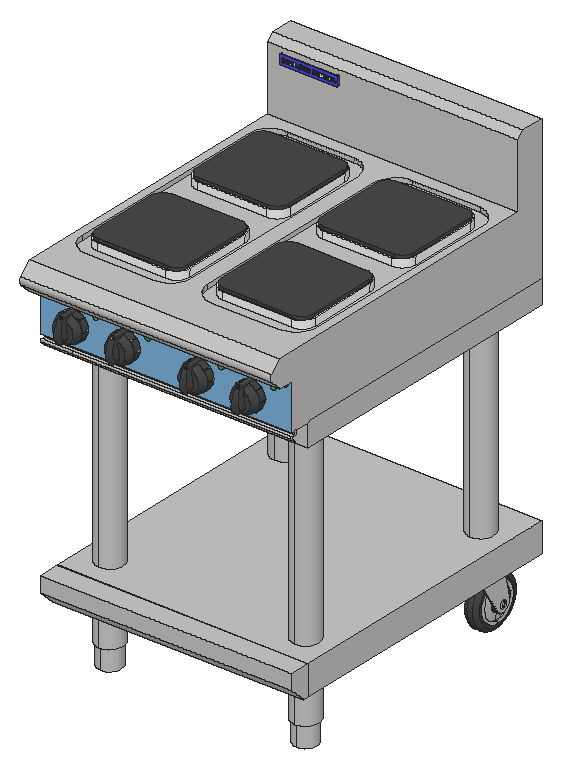
Revit family "QF_Moffat_E514S-LS_Electric_Cooktop_cat", category Specialty Equipment, Revit 2019
Family settings
  Round Connector Dimension = Use Diameter
  Part Type = Normal
  Work Plane-Based = No
  Always vertical = Yes
  Cut with Voids When Loaded = No
  Shared = No
  Room Calculation Point = No
Parameters (values of type "E514S-LS")
  Weight in Kilograms = 74
  Watts = 9130 W
  Volts = 415 V
  URL Cutsheet = ""
  Specification by User = ""
  Specification by Manufacturer = ""
  Show Logo [instance] = yes
  Show Legs [instance] = not(Show Castors)  # no
  Show Castors [instance] = yes
  Serial Number = ""
  Seismic Rating = ""
  SMACNA No = ""
  Revision Code = ""
  Phase = 2
  Number of Poles = 1
  NAFEM Spec ID Number = ""
  Model = "E514S-LS"
  Min Ckt Ampacity = 0 A
  Max Overcurrent Protection = 0 A
  Masterspec = ""
  Manufacturer = "Moffat"
  Length = 600 mm
  Item Number = ""
  Installed By = ""
  Identify Quantity as Lot = yes
  Height = 1085 mm
  HP = ""
  Furnished By = ""
  Foodservice Equipment Identifier = yes
  FL Amps = 22 A
  Electrical Remarks = ""
  Electric Connection Type = ""
  Elec Conn RI Height = 0 mm
  Elec Conn Connection Height = 0 mm
  Description = "Electric Cooktop"
  Depth = 812.2 mm
  Cycle = 60 Hz
  Conn Plug = ""
  Conn Conduit = yes
  CSI MasterFormat = ""
  Apparent Power = if(Phase = 3, Volts * FL Amps * 1.73, Volts * FL Amps)  # 9130 VA
Reference planes
  plane 1 "BACK": y = 0
  plane 2: z = 0
  plane 3 "LEFT": x = 0
  plane 4 "RIGHT": x = 600
  plane 5 "FRONT": y = -812.2
  plane 6 "TOP": z = 1085
  plane 7 "Center Y": x = 300
  plane 8 "Center X": y = -406.1
  plane 9: x = 65.5
  plane 10: x = 87.5
  plane 11: x = 211.766
  plane 12: y = -30
  plane 13: x = 470
  plane 14: x = 512.5
  plane 15: x = 388.234
  plane 16: x = 534.5
  plane 17: z = 150
  plane 18: y = -100
  plane 19: y = -625
  plane 20: z = 675
Forms (mm)
  Extrusion 1, solid, material "QF_Metal_Stainless_Polished"
    sketch origin (0, 0, 600) x (0, 1, 0) y (0, 0, 1)
      loop
        line (0, 140) -> (0, 485) -> (-55, 485) -> (-70, 470) -> (-70, 314.5) -> (-784.171, 314.5) -> (-808.685, 289.985)
        arc (-808.685, 289.985) -> (-812.2, 281.5) -> (-808.685, 273.015) r 12
        line (-808.685, 273.015) -> (-785.171, 249.5) -> (-749, 249.5) -> (-749, 140) -> (0, 140)
    from 0 to 600
  Extrusion 2, void
    sketch origin (0, -783.97, 914.5) x (0, 1, 0) y (-1, 0, 0)
      loop
        arc (683.77, -69) -> (669.125, -33.645) -> (633.77, -19) r 50
        line (633.77, -19) -> (133.569, -19)
        arc (133.569, -19) -> (98.214, -33.645) -> (83.569, -69) r 50
        line (83.569, -69) -> (83.569, -231)
        arc (83.569, -231) -> (98.214, -266.355) -> (133.569, -281) r 50
        line (133.569, -281) -> (633.77, -281)
        arc (633.77, -281) -> (669.125, -266.355) -> (683.77, -231) r 50
        line (683.77, -231) -> (683.77, -69)
      loop
        line (683.77, -531) -> (683.77, -369)
        arc (683.77, -369) -> (669.125, -333.645) -> (633.77, -319) r 50
        line (633.77, -319) -> (133.569, -319)
        arc (133.569, -319) -> (98.214, -333.645) -> (83.569, -369) r 50
        line (83.569, -369) -> (83.569, -531)
        arc (83.569, -531) -> (98.214, -566.355) -> (133.569, -581) r 50
        line (133.569, -581) -> (633.77, -581)
        arc (633.77, -581) -> (669.125, -566.355) -> (683.77, -531) r 50
    from 0 to -9.5
  Extrusion 3, solid, material "QF_Plastic_White_Smooth"
    sketch origin (0, -783.97, 905) x (0, 1, 0) y (-1, 0, 0)
      loop
        arc (647.77, -68) -> (638.397, -45.373) -> (615.77, -36) r 32
        line (615.77, -36) -> (451.569, -36)
        arc (451.569, -36) -> (428.942, -45.373) -> (419.569, -68) r 32
        line (419.569, -68) -> (419.569, -232)
        arc (419.569, -232) -> (428.942, -254.627) -> (451.569, -264) r 32
        line (451.569, -264) -> (615.77, -264)
        arc (615.77, -264) -> (638.397, -254.627) -> (647.77, -232) r 32
        line (647.77, -232) -> (647.77, -68)
      loop
        arc (347.569, -68) -> (338.197, -45.373) -> (315.569, -36) r 32
        line (315.569, -36) -> (151.569, -36)
        arc (151.569, -36) -> (128.942, -45.373) -> (119.569, -68) r 32
        line (119.569, -68) -> (119.569, -232)
        arc (119.569, -232) -> (128.942, -254.627) -> (151.569, -264) r 32
        line (151.569, -264) -> (315.569, -264)
        arc (315.569, -264) -> (338.197, -254.627) -> (347.569, -232) r 32
        line (347.569, -232) -> (347.569, -68)
      loop
        arc (647.77, -368) -> (638.397, -345.373) -> (615.77, -336) r 32
        line (615.77, -336) -> (451.569, -336)
        arc (451.569, -336) -> (428.942, -345.373) -> (419.569, -368) r 32
        line (419.569, -368) -> (419.569, -532)
        arc (419.569, -532) -> (428.942, -554.627) -> (451.569, -564) r 32
        line (451.569, -564) -> (615.77, -564)
        arc (615.77, -564) -> (638.397, -554.627) -> (647.77, -532) r 32
        line (647.77, -532) -> (647.77, -368)
      loop
        arc (347.569, -368) -> (338.197, -345.373) -> (315.569, -336) r 32
        line (315.569, -336) -> (151.569, -336)
        arc (151.569, -336) -> (128.942, -345.373) -> (119.569, -368) r 32
        line (119.569, -368) -> (119.569, -532)
        arc (119.569, -532) -> (128.942, -554.627) -> (151.569, -564) r 32
        line (151.569, -564) -> (315.569, -564)
        arc (315.569, -564) -> (338.197, -554.627) -> (347.569, -532) r 32
        line (347.569, -532) -> (347.569, -368)
    from 0 to 17.8
  Extrusion 4, solid, material "QF_Plastic_Black_Smooth"
    sketch origin (0, -783.97, 922.8) x (0, 1, 0) y (-1, 0, 0)
      loop
        arc (643.77, -67) -> (635.862, -47.908) -> (616.77, -40) r 27
        line (616.77, -40) -> (450.569, -40)
        arc (450.569, -40) -> (431.478, -47.908) -> (423.569, -67) r 27
        line (423.569, -67) -> (423.569, -233)
        arc (423.569, -233) -> (431.478, -252.092) -> (450.569, -260) r 27
        line (450.569, -260) -> (616.77, -260)
        arc (616.77, -260) -> (635.862, -252.092) -> (643.77, -233) r 27
        line (643.77, -233) -> (643.77, -67)
      loop
        arc (343.569, -67) -> (335.661, -47.908) -> (316.569, -40) r 27
        line (316.569, -40) -> (150.569, -40)
        arc (150.569, -40) -> (131.478, -47.908) -> (123.569, -67) r 27
        line (123.569, -67) -> (123.569, -233)
        arc (123.569, -233) -> (131.478, -252.092) -> (150.569, -260) r 27
        line (150.569, -260) -> (316.569, -260)
        arc (316.569, -260) -> (335.661, -252.092) -> (343.569, -233) r 27
        line (343.569, -233) -> (343.569, -67)
      loop
        line (643.77, -533) -> (643.77, -367)
        arc (643.77, -367) -> (635.862, -347.908) -> (616.77, -340) r 27
        line (616.77, -340) -> (450.569, -340)
        arc (450.569, -340) -> (431.478, -347.908) -> (423.569, -367) r 27
        line (423.569, -367) -> (423.569, -533)
        arc (423.569, -533) -> (431.478, -552.092) -> (450.569, -560) r 27
        line (450.569, -560) -> (616.77, -560)
        arc (616.77, -560) -> (635.862, -552.092) -> (643.77, -533) r 27
      loop
        line (343.569, -533) -> (343.569, -367)
        arc (343.569, -367) -> (335.661, -347.908) -> (316.569, -340) r 27
        line (316.569, -340) -> (150.569, -340)
        arc (150.569, -340) -> (131.478, -347.908) -> (123.569, -367) r 27
        line (123.569, -367) -> (123.569, -533)
        arc (123.569, -533) -> (131.478, -552.092) -> (150.569, -560) r 27
        line (150.569, -560) -> (316.569, -560)
        arc (316.569, -560) -> (335.661, -552.092) -> (343.569, -533) r 27
    from 0 to 6.1
  Extrusion 5, solid, material "QF_Metal_Stainless_Polished"
    sketch origin (0, 0, 600) x (0, 1, 0) y (0, 0, 1)
      loop
        line (-699, 85) -> (0, 85) -> (0, 140) -> (-699, 140) -> (-699, 85)
    from 0 to 600
  Extrusion 6, solid, material "QF_Metal_Stainless_Polished"
    sketch origin (0, 0, 600) x (0, 1, 0) y (0, 0, 1)
      loop
        line (-737.8, 140) -> (-737.8, 130) -> (-747.305, 130)
        arc (-747.305, 130) -> (-750.276, 128.015) -> (-749.579, 124.511) r 3.215
        line (-749.579, 124.511) -> (-739.05, 113.982) -> (-737.919, 115.113) -> (-748.447, 125.642)
        arc (-748.447, 125.642) -> (-748.797, 127.403) -> (-747.305, 128.4) r 1.615
        line (-747.305, 128.4) -> (-736.2, 128.4) -> (-736.2, 140) -> (-737.8, 140)
    from 0 to 600
  Extrusion 7, solid, material "QF_Metal_Stainless_Polished"
    sketch origin (300, 175.397, 1819.2) x (0, 1, 0) y (0, 0, 1)
      loop
        line (-874.397, -1109.2) -> (-896.434, -1109.2)
        arc (-896.434, -1109.2) -> (-898.034, -1110.8) -> (-896.434, -1112.4) r 1.6
        line (-896.434, -1112.4) -> (-874.397, -1112.4) -> (-874.397, -1109.2)
    from -250 to 250
  Extrusion 8, solid, material "QF_Paint_Green"
    sketch origin (0, -749, 740) x (0, 0, 1) y (-1, 0, 0)
      loop
        circle (84.8, -432.5) r 7.15
      loop
        circle (84.8, -557.5) r 7.15
      loop
        circle (84.8, -131.766) r 7.15
      loop
        circle (84.8, -256.766) r 7.15
    from 0 to 1.6
  Extrusion 9, solid, material "QF_Plastic_Black_Smooth"
    sketch origin (0, -749, 740) x (0, 0, 1) y (-1, 0, 0)
      loop
        circle (99.343, -13.157) r 5
      loop
        circle (99.343, -586.843) r 5
      loop
        circle (99.343, -87.503) r 5
      loop
        circle (99.343, -211.768) r 5
      loop
        circle (99.343, -388.238) r 5
      loop
        circle (99.343, -512.505) r 5
    from 0 to 1.6
  Extrusion 10, solid, material "QF_Metal_Stainless_Polished"
    sketch origin (-6096, 287.266, 675) x (0, 1, 0) y (-1, 0, 0)
      loop
        circle (-317.266, -6566) r 6.35
    from 10 to 0
  Extrusion 11, solid, material "QF_Metal_Stainless_Polished"
    sketch origin (0, 0, 0) x (0, 1, 0) y (0, 0, 1)
      loop
        line (-749, 186) -> (-713, 150) -> (-699, 150) -> (-699, 222.5) -> (-749, 222.5) -> (-749, 186)
    from 0 to 600
  Revolve 12, solid, material "QF_Metal_Stainless_Polished"
    sketch origin (65.5, -4572, -304.8) x (0, 0, -1) y (0, -1, 0)
      loop
        line (-304.8, -3947) -> (-989.8, -3947) -> (-989.8, -3978.75) -> (-354.8, -3978.75) -> (-354.8, -3974.5) -> (-304.8, -3974.5) -> (-304.8, -3947)
      axis (-989.8, -3947) -> (-304.8, -3947)
    angle from 0 to 360
  Revolve 13, solid, material "QF_Metal_Stainless_Polished"
    sketch origin (534.5, -4572, -304.8) x (0, 0, -1) y (0, 1, 0)
      loop
        line (-304.8, 3947) -> (-304.8, 3974.5) -> (-354.8, 3974.5) -> (-354.8, 3978.75) -> (-989.8, 3978.75) -> (-989.8, 3947) -> (-304.8, 3947)
      axis (-989.8, 3947) -> (-304.8, 3947)
    angle from 0 to 360
  Revolve 14, solid, material "QF_Metal_Stainless_Polished"
    sketch origin (65.5, -4047, -304.8) x (0, 0, -1) y (0, -1, 0)
      loop
        line (-527.3, -3978.75) -> (-527.3, -3947) -> (-989.8, -3947) -> (-989.8, -3978.75) -> (-527.3, -3978.75)
      axis (-989.8, -3947) -> (-527.3, -3947)
    angle from 0 to 360
  Extrusion 15, solid, material "QF_Metal_Stainless_Polished"
    sketch origin (0, 0, 0) x (0, 1, 0) y (0, 0, 1)
      loop
        line (-699, 222.5) -> (-699, 150) -> (0, 150) -> (0, 222.5) -> (-699, 222.5)
    from 0 to 600
  Revolve 16, solid, material "QF_Metal_Stainless_Polished"
    sketch origin (534.5, -4047, -304.8) x (0, 0, -1) y (0, 1, 0)
      loop
        line (-527.3, 3978.75) -> (-989.8, 3978.75) -> (-989.8, 3947) -> (-527.3, 3947) -> (-527.3, 3978.75)
      axis (-989.8, 3947) -> (-527.3, 3947)
    angle from 0 to 360
  Revolve 17, solid, material "QF_Metal_Stainless_Polished", visible <- "Show Legs"
    sketch origin (65.5, -4047, -304.8) x (0, 0, -1) y (0, -1, 0)
      loop
        line (-304.8, -3947) -> (-454.8, -3947) -> (-454.8, -3978.75) -> (-354.8, -3978.75) -> (-354.8, -3974.5) -> (-304.8, -3974.5) -> (-304.8, -3947)
      axis (-454.8, -3947) -> (-304.8, -3947)
    angle from 0 to 360
  Revolve 18, solid, material "QF_Metal_Stainless_Polished", visible <- "Show Legs"
    sketch origin (534.5, -4047, -304.8) x (0, 0, -1) y (0, -1, 0)
      loop
        line (-304.8, -3947) -> (-454.8, -3947) -> (-454.8, -3978.75) -> (-354.8, -3978.75) -> (-354.8, -3974.5) -> (-304.8, -3974.5) -> (-304.8, -3947)
      axis (-454.8, -3947) -> (-304.8, -3947)
    angle from 0 to 360
Cuts and joins
  Extrusion 2 cuts Extrusion 1
  joined: Extrusion 5, Extrusion 11
  joined: Revolve 12, Revolve 13, Extrusion 15
Lines and regions (mm)
  symbolic lines
    curve 1: line (0, 0, 0) -> (600, 0, 0)
    curve 2: line (0, -812.2, 0) -> (0, 0, 0)
    curve 3: line (600, -812.2, 0) -> (0, -812.2, 0)
    curve 4: line (600, 0, 0) -> (600, -812.2, 0)
    curve 5: line (0, -784.171, 0) -> (600, -784.171, 0)
    curve 6: arc (69, -700.2, 0) -> (33.645, -685.555, 0) -> (19, -650.2, 0) r 50
    curve 7: line (19, -650.2, 0) -> (19, -150.2, 0)
    curve 8: arc (19, -150.2, 0) -> (33.645, -114.845, 0) -> (69, -100.2, 0) r 50
    curve 9: line (69, -100.2, 0) -> (231, -100.2, 0)
    curve 10: arc (231, -100.2, 0) -> (266.355, -114.845, 0) -> (281, -150.2, 0) r 50
    curve 11: line (281, -150.2, 0) -> (281, -650.2, 0)
    curve 12: arc (281, -650.2, 0) -> (266.355, -685.555, 0) -> (231, -700.2, 0) r 50
    curve 13: line (231, -700.2, 0) -> (69, -700.2, 0)
    curve 14: arc (369, -700.2, 0) -> (333.645, -685.555, 0) -> (319, -650.2, 0) r 50
    curve 15: line (319, -650.2, 0) -> (319, -150.2, 0)
    curve 16: arc (319, -150.2, 0) -> (333.645, -114.845, 0) -> (369, -100.2, 0) r 50
    curve 17: line (369, -100.2, 0) -> (531, -100.2, 0)
    curve 18: arc (531, -100.2, 0) -> (566.355, -114.845, 0) -> (581, -150.2, 0) r 50
    curve 19: line (581, -150.2, 0) -> (581, -650.2, 0)
    curve 20: arc (581, -650.2, 0) -> (566.355, -685.555, 0) -> (531, -700.2, 0) r 50
    curve 21: line (531, -700.2, 0) -> (369, -700.2, 0)
    curve 22: arc (232, -664.2, 0) -> (254.627, -654.827, 0) -> (264, -632.2, 0) r 32
    curve 23: line (264, -632.2, 0) -> (264, -468.2, 0)
    curve 24: arc (264, -468.2, 0) -> (254.627, -445.573, 0) -> (232, -436.2, 0) r 32
    curve 25: line (232, -436.2, 0) -> (68, -436.2, 0)
    curve 26: arc (68, -436.2, 0) -> (45.373, -445.573, 0) -> (36, -468.2, 0) r 32
    curve 27: line (36, -468.2, 0) -> (36, -632.2, 0)
    curve 28: arc (36, -632.2, 0) -> (45.373, -654.827, 0) -> (68, -664.2, 0) r 32
    curve 29: line (68, -664.2, 0) -> (232, -664.2, 0)
    curve 30: arc (233, -660.2, 0) -> (252.092, -652.292, 0) -> (260, -633.2, 0) r 27
    curve 31: line (260, -633.2, 0) -> (260, -467.2, 0)
    curve 32: arc (260, -467.2, 0) -> (252.092, -448.108, 0) -> (233, -440.2, 0) r 27
    curve 33: line (233, -440.2, 0) -> (67, -440.2, 0)
    curve 34: arc (67, -440.2, 0) -> (47.908, -448.108, 0) -> (40, -467.2, 0) r 27
    curve 35: line (40, -467.2, 0) -> (40, -633.2, 0)
    curve 36: arc (40, -633.2, 0) -> (47.908, -652.292, 0) -> (67, -660.2, 0) r 27
    curve 37: line (67, -660.2, 0) -> (233, -660.2, 0)
    curve 38: arc (336, -632.2, 0) -> (345.373, -654.827, 0) -> (368, -664.2, 0) r 32
    curve 39: line (368, -664.2, 0) -> (532, -664.2, 0)
    curve 40: arc (532, -664.2, 0) -> (554.627, -654.827, 0) -> (564, -632.2, 0) r 32
    curve 41: line (564, -632.2, 0) -> (564, -468.2, 0)
    curve 42: arc (564, -468.2, 0) -> (554.627, -445.573, 0) -> (532, -436.2, 0) r 32
    curve 43: line (532, -436.2, 0) -> (368, -436.2, 0)
    curve 44: arc (368, -436.2, 0) -> (345.373, -445.573, 0) -> (336, -468.2, 0) r 32
    curve 45: line (336, -468.2, 0) -> (336, -632.2, 0)
    curve 46: arc (340, -633.2, 0) -> (347.908, -652.292, 0) -> (367, -660.2, 0) r 27
    curve 47: line (367, -660.2, 0) -> (533, -660.2, 0)
    curve 48: arc (533, -660.2, 0) -> (552.092, -652.292, 0) -> (560, -633.2, 0) r 27
    curve 49: line (560, -633.2, 0) -> (560, -467.2, 0)
    curve 50: arc (560, -467.2, 0) -> (552.092, -448.108, 0) -> (533, -440.2, 0) r 27
    curve 51: line (533, -440.2, 0) -> (367, -440.2, 0)
    curve 52: arc (367, -440.2, 0) -> (347.908, -448.108, 0) -> (340, -467.2, 0) r 27
    curve 53: line (340, -467.2, 0) -> (340, -633.2, 0)
    curve 54: arc (340, -333.2, 0) -> (347.908, -352.292, 0) -> (367, -360.2, 0) r 27
    curve 55: line (367, -360.2, 0) -> (533, -360.2, 0)
    curve 56: arc (533, -360.2, 0) -> (552.092, -352.292, 0) -> (560, -333.2, 0) r 27
    curve 57: line (560, -333.2, 0) -> (560, -167.2, 0)
    curve 58: arc (560, -167.2, 0) -> (552.092, -148.108, 0) -> (533, -140.2, 0) r 27
    curve 59: line (533, -140.2, 0) -> (367, -140.2, 0)
    curve 60: arc (367, -140.2, 0) -> (347.908, -148.108, 0) -> (340, -167.2, 0) r 27
    curve 61: line (340, -167.2, 0) -> (340, -333.2, 0)
    curve 62: arc (336, -332.2, 0) -> (345.373, -354.827, 0) -> (368, -364.2, 0) r 32
    curve 63: line (368, -364.2, 0) -> (532, -364.2, 0)
    curve 64: arc (532, -364.2, 0) -> (554.627, -354.827, 0) -> (564, -332.2, 0) r 32
    curve 65: line (564, -332.2, 0) -> (564, -168.2, 0)
    curve 66: arc (564, -168.2, 0) -> (554.627, -145.573, 0) -> (532, -136.2, 0) r 32
    curve 67: line (532, -136.2, 0) -> (368, -136.2, 0)
    curve 68: arc (368, -136.2, 0) -> (345.373, -145.573, 0) -> (336, -168.2, 0) r 32
    curve 69: line (336, -168.2, 0) -> (336, -332.2, 0)
    curve 70: arc (232, -364.2, 0) -> (254.627, -354.827, 0) -> (264, -332.2, 0) r 32
    curve 71: line (264, -332.2, 0) -> (264, -168.2, 0)
    curve 72: arc (264, -168.2, 0) -> (254.627, -145.573, 0) -> (232, -136.2, 0) r 32
    curve 73: line (232, -136.2, 0) -> (68, -136.2, 0)
    curve 74: arc (68, -136.2, 0) -> (45.373, -145.573, 0) -> (36, -168.2, 0) r 32
    curve 75: line (36, -168.2, 0) -> (36, -332.2, 0)
    curve 76: arc (36, -332.2, 0) -> (45.373, -354.827, 0) -> (68, -364.2, 0) r 32
    curve 77: line (68, -364.2, 0) -> (232, -364.2, 0)
    curve 78: arc (233, -360.2, 0) -> (252.092, -352.292, 0) -> (260, -333.2, 0) r 27
    curve 79: line (260, -333.2, 0) -> (260, -167.2, 0)
    curve 80: arc (260, -167.2, 0) -> (252.092, -148.108, 0) -> (233, -140.2, 0) r 27
    curve 81: line (233, -140.2, 0) -> (67, -140.2, 0)
    curve 82: arc (67, -140.2, 0) -> (47.908, -148.108, 0) -> (40, -167.2, 0) r 27
    curve 83: line (40, -167.2, 0) -> (40, -333.2, 0)
    curve 84: arc (40, -333.2, 0) -> (47.908, -352.292, 0) -> (67, -360.2, 0) r 27
    curve 85: line (67, -360.2, 0) -> (233, -360.2, 0)
    curve 86: line (0, -70, 0) -> (600, -70, 0)
    curve 87: line (0, -55, 0) -> (600, -55, 0)
Dimensions and locks
  equal spacing: plane 3 "LEFT", plane 7 "Center Y", plane 4 "RIGHT"
  "Length": plane 3 "LEFT" to plane 4 "RIGHT"
  equal spacing: plane 5 "FRONT", plane 8 "Center X", plane 1 "BACK"
  "Depth": plane 5 "FRONT" to plane 1 "BACK"
  "Height": plane 6 "TOP" to level
  plane 4 "RIGHT" to plane 3 "LEFT" = 600 mm
  plane 1 "BACK" to cut or joined group of Extrusion 1, Extrusion 2 = 70 mm
  plane 1 "BACK" to plane 5 "FRONT" = 812.2 mm
  plane 6 "TOP" to plane 2 = 1085 mm
  cut or joined group of Extrusion 1, Extrusion 2 to plane 2 = 914.5 mm
  plane 13 to plane 4 "RIGHT" = 130 mm
  plane 9 to plane 16 = 469 mm
  plane 17 to plane 2 = 150 mm
  plane 1 "BACK" to plane 18 = 100 mm
  plane 18 to plane 19 = 525 mm
  plane 20 to plane 2 = 675 mm
  plane 1 "BACK" to plane 12 = 30 mm
  aligned and locked: level to plane 2
Automatic sketch dimensions
  plane 1 "BACK" to curve 1 = 0 mm
  curve 1 to plane 3 "LEFT" = 0 mm
  curve 4 to plane 4 "RIGHT" = 0 mm
  plane 5 "FRONT" to curve 3 = 0 mm
  plane 3 "LEFT" to curve 7 = 19 mm
  plane 9 to curve 27 = 29.5 mm
  curve 8 to curve 75 = 17 mm
  curve 74 to curve 83 = 4 mm
  curve 26 to curve 35 = 4 mm
  curve 33 to plane 9 = 1.5 mm
  curve 37 to plane 9 = 1.5 mm
  curve 84 to plane 9 = 1.5 mm
  curve 81 to plane 9 = 1.5 mm
  curve 25 to plane 9 = 2.5 mm
  curve 82 to curve 74 = 1 mm
  curve 36 to curve 28 = 1 mm
  curve 84 to curve 76 = 1 mm
  plane 18 to curve 9 = 0.2 mm
  curve 9 to plane 9 = 3.5 mm
  curve 6 to plane 9 = 3.5 mm
  plane 11 to curve 9 = 19.234 mm
  plane 11 to curve 12 = 19.234 mm
  plane 11 to curve 25 = 20.234 mm
  plane 11 to curve 77 = 20.234 mm
  curve 10 to curve 72 = 1 mm
  curve 12 to curve 29 = 1 mm
  curve 24 to curve 32 = 1 mm
  curve 70 to curve 85 = 1 mm
  curve 72 to curve 81 = 1 mm
  curve 22 to curve 30 = 1 mm
  curve 32 to curve 31 = 27 mm
  curve 78 to curve 79 = 27 mm
  curve 31 to curve 23 = 4 mm
  curve 79 to curve 71 = 4 mm
  curve 11 to plane 7 "Center Y" = 19 mm
  plane 7 "Center Y" to curve 15 = 19 mm
  plane 19 to curve 45 = 7.2 mm
  curve 15 to curve 45 = 17 mm
  plane 7 "Center Y" to curve 69 = 36 mm
  curve 62 to curve 61 = 4 mm
  curve 38 to curve 53 = 4 mm
  plane 15 to curve 52 = 21.234 mm
  plane 15 to curve 54 = 21.234 mm
  plane 15 to curve 60 = 21.234 mm
  plane 15 to curve 47 = 21.234 mm
  curve 46 to curve 38 = 1 mm
  curve 52 to curve 44 = 1 mm
  curve 60 to curve 68 = 1 mm
  curve 54 to curve 62 = 1 mm
  plane 15 to curve 21 = 19.234 mm
  plane 18 to curve 17 = 0.2 mm
  plane 15 to curve 17 = 19.234 mm
  curve 20 to plane 16 = 3.5 mm
  curve 18 to plane 16 = 3.5 mm
  curve 67 to plane 16 = 2.5 mm
  curve 39 to plane 16 = 2.5 mm
  curve 63 to plane 16 = 2.5 mm
  curve 42 to plane 16 = 2.5 mm
  curve 42 to curve 50 = 1 mm
  curve 64 to curve 56 = 1 mm
  curve 66 to curve 58 = 1 mm
  curve 47 to plane 16 = 1.5 mm
  plane 16 to curve 57 = 25.5 mm
  plane 16 to curve 49 = 25.5 mm
  curve 58 to curve 65 = 4 mm
  curve 49 to curve 41 = 4 mm
  plane 4 "RIGHT" to curve 19 = 19 mm
  plane 19 to curve 13 = 75.2 mm
  curve 21 to curve 38 = 36 mm
  curve 29 to curve 6 = 14 mm
  curve 39 to curve 47 = 4 mm
  curve 28 to curve 37 = 4 mm
  curve 23 to plane 8 "Center X" = 62.1 mm
  curve 41 to plane 8 "Center X" = 62.1 mm
  curve 26 to curve 34 = 1 mm
  curve 44 to curve 52 = 1 mm
  plane 8 "Center X" to curve 63 = 41.9 mm
  plane 8 "Center X" to curve 77 = 41.9 mm
  curve 76 to curve 85 = 4 mm
  curve 64 to curve 55 = 4 mm
  curve 69 to curve 16 = 18 mm
  curve 71 to curve 10 = 18 mm
  curve 74 to curve 82 = 1 mm
  curve 65 to curve 57 = 1 mm
  curve 2 to curve 5 = 28.029 mm
  curve 86 to plane 18 = 30 mm
  curve 86 to curve 87 = 15 mm
  Extrusion 1 sketch curve to plane 6 "TOP" = 0 mm
  Extrusion 1 sketch curve to plane 1 "BACK" = 0 mm
  plane 12 to Extrusion 1 sketch curve = 25 mm
  Extrusion 1 sketch curve to plane 6 "TOP" = 15 mm
  Extrusion 1 sketch curve to Extrusion 1 sketch curve = 15 mm
  Extrusion 1 sketch curve to plane 5 "FRONT" = 63.2 mm
  Extrusion 1 sketch curve to plane 5 "FRONT" = 28.029 mm
  Extrusion 1 sketch curve to plane 5 "FRONT" = 27.029 mm
  Extrusion 1 sketch curve to plane 5 "FRONT" = 12 mm
  Extrusion 1 sketch curve to plane 5 "FRONT" = 3.515 mm  (x2)
  Extrusion 1 sketch curve to plane 6 "TOP" = 170.5 mm
  Extrusion 1 sketch curve to Extrusion 1 sketch curve = 24.515 mm
  Extrusion 1 sketch curve to Extrusion 1 sketch curve = 8.485 mm
  Extrusion 1 sketch curve to Extrusion 1 sketch curve = 32 mm
  plane 20 to Extrusion 1 sketch curve = 65 mm
  Extrusion 2 sketch curve to Extrusion 1 = 83.77 mm  (x2)
  Extrusion 1 to Extrusion 2 sketch curve = 19 mm
  Extrusion 2 sketch curve to Extrusion 2 sketch curve = 50 mm  (x4)
  Extrusion 1 to Extrusion 2 sketch curve = 80.2 mm  (x3)
  Extrusion 2 sketch curve to Extrusion 2 sketch curve = 0 mm
  Extrusion 1 to Extrusion 2 sketch curve = 30.2 mm  (x2)
  Extrusion 2 sketch curve to Extrusion 2 sketch curve = 162 mm
  Extrusion 2 sketch curve to Extrusion 2 sketch curve = 38 mm
  Extrusion 1 to Extrusion 2 sketch curve = 69 mm
  Extrusion 3 sketch curve to Extrusion 2 = 36 mm  (x2)
  Extrusion 3 sketch curve to Extrusion 3 sketch curve = 32 mm  (x13)
  Extrusion 3 sketch curve to Extrusion 2 = 17 mm  (x6)
  Extrusion 3 sketch curve to Extrusion 2 = 49 mm  (x3)
  Extrusion 3 sketch curve to Extrusion 3 sketch curve = 164 mm  (x2)
  Extrusion 3 sketch curve to Extrusion 3 sketch curve = 72 mm  (x2)
  Extrusion 3 sketch curve to Extrusion 2 = 68 mm  (x4)
  Extrusion 4 sketch curve to Extrusion 3 = 4 mm  (x15)
  Extrusion 4 sketch curve to Extrusion 4 sketch curve = 27 mm  (x6)
  Extrusion 4 sketch curve to Extrusion 3 = 31 mm  (x11)
  Extrusion 5 sketch curve to plane 1 "BACK" = 0 mm
  plane 20 to Extrusion 5 sketch curve = 10 mm
  plane 19 to Extrusion 5 sketch curve = 74 mm
  Extrusion 5 sketch curve to Extrusion 5 sketch curve = 55 mm
  Extrusion 6 sketch curve to Extrusion 6 sketch curve = 0 mm  (x2)
  Extrusion 6 sketch curve to plane 5 "FRONT" = 62.621 mm
  Extrusion 6 sketch curve to Extrusion 6 sketch curve = 1.131 mm  (x2)
  Extrusion 6 sketch curve to Extrusion 6 sketch curve = 1.142 mm  (x2)
  plane 20 to Extrusion 6 sketch curve = 38.982 mm
  Extrusion 6 sketch curve to Extrusion 6 sketch curve = 10.529 mm
  plane 20 to Extrusion 6 sketch curve = 40.113 mm
  Extrusion 6 sketch curve to Extrusion 6 sketch curve = 9.505 mm
  Extrusion 6 sketch curve to Extrusion 6 sketch curve = 1.6 mm
  Extrusion 6 sketch curve to Extrusion 6 sketch curve = 10 mm
  plane 20 to Extrusion 7 sketch curve = 35 mm
  Extrusion 7 sketch curve to plane 5 "FRONT" = 91.163 mm
  Extrusion 7 sketch curve to Extrusion 7 sketch curve = 22.037 mm
  Extrusion 7 sketch curve to Extrusion 7 sketch curve = 1.6 mm
  Extrusion 1 to Extrusion 8 sketch curve = 24.7 mm  (x4)
  Extrusion 1 to Extrusion 8 sketch curve = 42.5 mm
  Extrusion 8 sketch curve to Extrusion 8 sketch curve = 125 mm  (x2)
  Extrusion 8 sketch curve to Extrusion 8 sketch curve = 175.734 mm
  plane 12 to Extrusion 10 sketch curve = 0 mm
  Extrusion 10 sketch curve to plane 13 = 0 mm
  Extrusion 11 sketch curve to plane 17 = 0 mm
  Extrusion 11 sketch curve to plane 5 "FRONT" = 63.2 mm
  Extrusion 11 sketch curve to Extrusion 11 sketch curve = 36 mm
  Extrusion 11 sketch curve to Extrusion 11 sketch curve = 14 mm
  plane 17 to Extrusion 11 sketch curve = 36 mm
  Extrusion 11 sketch curve to Extrusion 11 sketch curve = 36.5 mm
  Revolve 12 sketch curve to plane 19 = 0 mm  (x2)
  Revolve 12 sketch curve to level = 0 mm  (x2)
  Revolve 12 sketch curve to Revolve 12 sketch curve = 50 mm
  plane 20 to Revolve 12 sketch curve = 10 mm
  Revolve 12 sketch curve to plane 19 = 27.5 mm
  Revolve 12 sketch curve to Revolve 12 sketch curve = 31.75 mm
  Revolve 12 sketch curve to Revolve 12 sketch curve = 35 mm
  Revolve 13 sketch curve to plane 19 = 0 mm  (x2)
  Revolve 13 sketch curve to level = 0 mm  (x2)
  level to Revolve 13 sketch curve = 50 mm
  plane 20 to Revolve 13 sketch curve = 10 mm
  Revolve 13 sketch curve to Revolve 13 sketch curve = 27.5 mm
  Revolve 13 sketch curve to Revolve 13 sketch curve = 31.75 mm
  Revolve 13 sketch curve to Revolve 13 sketch curve = 35 mm
  Revolve 14 sketch curve to plane 18 = 0 mm  (x2)
  plane 20 to Revolve 14 sketch curve = 10 mm
  Revolve 14 sketch curve to plane 18 = 31.75 mm
  plane 17 to Revolve 14 sketch curve = 72.5 mm
  Revolve 14 sketch curve to Revolve 14 sketch curve = 0 mm
  Revolve 14 sketch curve to Revolve 14 sketch curve = 35 mm
  Extrusion 15 sketch curve to plane 17 = 0 mm
  Extrusion 15 sketch curve to plane 1 "BACK" = 0 mm
  plane 19 to Extrusion 15 sketch curve = 74 mm
  Extrusion 15 sketch curve to Extrusion 15 sketch curve = 72.5 mm
  Revolve 16 sketch curve to plane 18 = 0 mm  (x2)
  plane 20 to Revolve 16 sketch curve = 10 mm
  Revolve 16 sketch curve to plane 18 = 31.75 mm
  plane 17 to Revolve 16 sketch curve = 72.5 mm
  Revolve 16 sketch curve to Revolve 16 sketch curve = 0 mm
  Revolve 16 sketch curve to Revolve 16 sketch curve = 35 mm
  Revolve 17 sketch curve to plane 17 = 0 mm
  Revolve 17 sketch curve to level = 0 mm  (x2)
  Revolve 17 sketch curve to plane 18 = 0 mm  (x2)
  Revolve 17 sketch curve to Revolve 17 sketch curve = 50 mm
  Revolve 17 sketch curve to plane 18 = 27.5 mm
  Revolve 17 sketch curve to Revolve 17 sketch curve = 31.75 mm
  Revolve 17 sketch curve to level = 35 mm
  Revolve 18 sketch curve to plane 17 = 0 mm
  Revolve 18 sketch curve to level = 0 mm  (x2)
  Revolve 18 sketch curve to plane 18 = 0 mm  (x2)
  Revolve 18 sketch curve to Revolve 18 sketch curve = 50 mm
  Revolve 18 sketch curve to plane 18 = 27.5 mm
  Revolve 18 sketch curve to Revolve 18 sketch curve = 31.75 mm
  Revolve 18 sketch curve to level = 35 mm
  Extrusion 1 to Extrusion 9 sketch curve = 10.157 mm  (x6)
  Extrusion 1 to Extrusion 9 sketch curve = 13.157 mm  (x2)
  Extrusion 9 sketch curve to Extrusion 9 sketch curve = 74.338 mm
  Extrusion 9 sketch curve to Extrusion 9 sketch curve = 124.267 mm
  Extrusion 9 sketch curve to Extrusion 9 sketch curve = 176.47 mm
  Extrusion 1 to Extrusion 9 sketch curve = 87.503 mm
  radius of Extrusion 8 sketch curve = 7.15 mm  (x4)
  radius of Extrusion 10 sketch curve = 6.35 mm
  radius of Extrusion 9 sketch curve = 5 mm  (x6)
Nested families
  nested 1: "Knob" at (55.003, -749, 762.803), type "Knob"
  nested 2: "Knob" at (179.269, -749, 762.803), type "Knob"
  nested 3: "QF_LOGO_BLue Seal" at (32, -70, 1033.885), visible <- "Show Logo", type "QF_LOGO_BLue Seal"
  nested 4: "Knob" at (355.738, -749, 762.803), type "Knob"
  nested 5: "Knob" at (480.003, -749, 762.803), type "Knob"
  nested 6: "6 INCHES 02_CASTER" at (534.5, -100, 0), Show Casters <- "Show Castors", type "6 INCHES 02_CASTER"
    with Type Mark "", Specification by User "", Show Casters yes, Revision Code "", Item Number "", Installed By "", Identify Quantity as Lot yes, Furnished By "", Foodservice Equipment Identifier yes
  nested 7: "6 INCHES 02_CASTER" at (65.5, -100, 0), Show Casters <- "Show Castors", type "6 INCHES 02_CASTER"
    with Type Mark "", Specification by User "", Show Casters yes, Revision Code "", Item Number "", Installed By "", Identify Quantity as Lot yes, Furnished By "", Foodservice Equipment Identifier yes
Connectors
  electrical at (470, -30, 675), driven by "Volts", driven by "Watts"
    settings: on Extrusion 10, index 1, voltage 415 V, apparent load 9130 VA, apparent load phase1 0 VA, apparent load phase2 0 VA, apparent load phase3 0 VA, power factor 1, load classification "Other", number of poles 1, system type 30, power factor state 1, is connector primary yes, connector utility no, sub classification motor no, connector description "Electrical Connection"
Definition of nested family "Knob"
  Parameters (values of type "Knob")
    Weight in Pounds = 0
    URL Cutsheet = ""
    Specification by User = ""
    Specification by Manufacturer = ""
    Serial Number = ""
    Seismic Rating = ""
    SMACNA No = ""
    Revision Code = ""
    NAFEM Spec ID Number = ""
    Masterspec = ""
    Length = 65 mm
    Item Number = ""
    Installed By = ""
    Identify Quantity as Lot = yes
    Height = 69.5 mm
    Furnished By = ""
    Foodservice Equipment Identifier = yes
    Depth = 59 mm
    CSI MasterFormat = ""
  Reference planes
    plane 1 "BACK": y = 0
    plane 2: z = 0
    plane 3 "LEFT": x = 0
    plane 4 "RIGHT": x = 65
    plane 5 "FRONT": y = -59
    plane 6 "TOP": z = 69.5
    plane 7 "Center Y": x = 32.5
    plane 8 "Center X": y = -29.5
  Forms (mm)
    Revolve 1, solid
      sketch origin (32.5, 175.397, 1219.2) x (0, 1, 0) y (0, 0, 1)
        loop
          line (-175.397, -1186.7) -> (-219.397, -1186.7) -> (-219.397, -1211.501) -> (-202.106, -1219.2) -> (-185.397, -1219.2) -> (-185.397, -1191.7) -> (-175.397, -1191.7) -> (-175.397, -1186.7)
        axis (-219.397, -1186.7) -> (-175.397, -1186.7)
      angle from 0 to 360
    Extrusion 2, solid
      sketch origin (32.5, 175.397, 1219.2) x (0, 1, 0) y (0, 0, 1)
        loop
          line (-202.106, -1154.2) -> (-185.397, -1154.2) -> (-185.397, -1149.7) -> (-224.105, -1149.7)
          arc (-224.105, -1149.7) -> (-233.965, -1178.467) -> (-230.696, -1208.7) r 70
          line (-230.696, -1208.7) -> (-219.397, -1208.7) -> (-219.397, -1161.899) -> (-202.106, -1154.2)
      from -15 to 15
    Extrusion 3, void
      sketch origin (0, 0, 0) x (1, 0, 0) y (0, 0, 1)
        loop
          line (27.501, 64.613) -> (22.02, 20.585)
          arc (22.02, 20.585) -> (32.792, 10.488) -> (42.986, 21.169) r 10.487
          line (42.986, 21.169) -> (37.499, 64.613)
          arc (37.499, 64.613) -> (32.5, 69.5) -> (27.501, 64.613) r 5
        loop
          line (10, 72.977) -> (10, 5.625) -> (55, 5.625) -> (55, 72.977) -> (10, 72.977)
      from 6.142 to 69.687
    Extrusion 4, solid
      sketch origin (0, -34.115, -16.916) x (1, 0, 0) y (0, 0.45399, 0.891007)
        loop
          circle (32.497, 65) r 2
      from 51.525 to 53.075
    Extrusion 5, solid
      sketch origin (32.5, -10, 32.5) x (0, 0, -1) y (-1, 0, 0)
        loop
          line (-23.54, -22.408) -> (-24.106, -22.974)
          arc (-24.106, -22.974) -> (-23.547, -23.547) -> (-22.974, -24.106) r 33.3
          line (-22.974, -24.106) -> (-22.408, -23.54)
          arc (-22.408, -23.54) -> (-22.981, -22.981) -> (-23.54, -22.408) r 32.5
        loop
          arc (-0.8, -33.29) -> (0, -33.3) -> (0.8, -33.29) r 33.3
          line (0.8, -33.29) -> (0.8, -32.49)
          arc (0.8, -32.49) -> (0, -32.5) -> (-0.8, -32.49) r 32.5
          line (-0.8, -32.49) -> (-0.8, -33.29)
        loop
          arc (23.54, -22.408) -> (22.981, -22.981) -> (22.408, -23.54) r 32.5
          line (22.408, -23.54) -> (22.974, -24.106)
          arc (22.974, -24.106) -> (23.547, -23.547) -> (24.106, -22.974) r 33.3
          line (24.106, -22.974) -> (23.54, -22.408)
        loop
          arc (-23.54, 22.408) -> (-22.981, 22.981) -> (-22.408, 23.54) r 32.5
          line (-22.408, 23.54) -> (-22.974, 24.106)
          arc (-22.974, 24.106) -> (-23.547, 23.547) -> (-24.106, 22.974) r 33.3
          line (-24.106, 22.974) -> (-23.54, 22.408)
        loop
          line (-0.8, 33.29) -> (-0.8, 32.49)
          arc (-0.8, 32.49) -> (0, 32.5) -> (0.8, 32.49) r 32.5
          line (0.8, 32.49) -> (0.8, 33.29)
          arc (0.8, 33.29) -> (0, 33.3) -> (-0.8, 33.29) r 33.3
        loop
          line (32.49, -0.8) -> (33.29, -0.8)
          arc (33.29, -0.8) -> (33.3, 0) -> (33.29, 0.8) r 33.3
          line (33.29, 0.8) -> (32.49, 0.8)
          arc (32.49, 0.8) -> (32.5, 0) -> (32.49, -0.8) r 32.5
        loop
          arc (24.106, 22.974) -> (23.547, 23.547) -> (22.974, 24.106) r 33.3
          line (22.974, 24.106) -> (22.408, 23.54)
          arc (22.408, 23.54) -> (22.981, 22.981) -> (23.54, 22.408) r 32.5
          line (23.54, 22.408) -> (24.106, 22.974)
      from 0 to -16.709
  Cuts and joins
    Extrusion 3 cuts Extrusion 2
  Dimensions and locks
    equal spacing: plane 3 "LEFT", plane 7 "Center Y", plane 4 "RIGHT"
    "Length": plane 3 "LEFT" to plane 4 "RIGHT"
    equal spacing: plane 5 "FRONT", plane 8 "Center X", plane 1 "BACK"
    "Depth": plane 5 "FRONT" to plane 1 "BACK"
    "Height": plane 6 "TOP" to level
    plane 4 "RIGHT" to plane 3 "LEFT" = 65 mm
    aligned and locked: level to plane 2
  Automatic sketch dimensions
    Revolve 1 sketch curve to level = 0 mm
    Revolve 1 sketch curve to plane 1 "BACK" = 0 mm  (x2)
    plane 1 "BACK" to Revolve 1 sketch curve = 10 mm
    plane 8 "Center X" to Revolve 1 sketch curve = 2.791 mm
    Revolve 1 sketch curve to plane 8 "Center X" = 14.5 mm
    level to Revolve 1 sketch curve = 7.699 mm
    level to Revolve 1 sketch curve = 27.5 mm
    Revolve 1 sketch curve to Revolve 1 sketch curve = 5 mm
    Revolve 1 sketch curve to Revolve 1 sketch curve = 35 mm
    Revolve 1 sketch curve to Revolve 1 sketch curve = 0 mm
    Extrusion 2 sketch curve to plane 6 "TOP" = 0 mm
    Extrusion 2 sketch curve to plane 5 "FRONT" = 3.702 mm
    Extrusion 2 sketch curve to plane 5 "FRONT" = 10.293 mm
    Extrusion 2 sketch curve to Extrusion 2 sketch curve = 11.298 mm
    plane 8 "Center X" to Extrusion 2 sketch curve = 2.791 mm
    plane 1 "BACK" to Extrusion 2 sketch curve = 10 mm
    Extrusion 2 sketch curve to plane 1 "BACK" = 11 mm
    Extrusion 2 sketch curve to plane 6 "TOP" = 4.5 mm
    Extrusion 2 sketch curve to plane 6 "TOP" = 12.199 mm
    level to Extrusion 2 sketch curve = 32.962 mm
    level to Extrusion 3 sketch curve = 5.625 mm
    Extrusion 3 sketch curve to plane 7 "Center Y" = 0 mm  (x2)
    Extrusion 3 sketch curve to plane 7 "Center Y" = 4.999 mm
    Extrusion 3 sketch curve to plane 7 "Center Y" = 10.48 mm
    plane 6 "TOP" to Extrusion 3 sketch curve = 3.477 mm
    plane 3 "LEFT" to Extrusion 3 sketch curve = 10 mm
    Extrusion 3 sketch curve to plane 6 "TOP" = 4.887 mm
    Extrusion 3 sketch curve to Extrusion 3 sketch curve = 4.999 mm
    plane 7 "Center Y" to Extrusion 3 sketch curve = 10.486 mm
    level to Extrusion 3 sketch curve = 20.585 mm
    Extrusion 3 sketch curve to Extrusion 3 sketch curve = 0.387 mm
    Extrusion 3 sketch curve to Extrusion 3 sketch curve = 0.113 mm
    plane 4 "RIGHT" to Extrusion 3 sketch curve = 10 mm
    Extrusion 5 sketch curve to Revolve 1 = 32.49 mm
    Revolve 1 to Extrusion 5 sketch curve = 32.49 mm
    Extrusion 5 sketch curve to Revolve 1 = 23.54 mm  (x2)
    Revolve 1 to Extrusion 5 sketch curve = 23.54 mm  (x2)
    Extrusion 5 sketch curve to Revolve 1 = 24.106 mm  (x2)
    Revolve 1 to Extrusion 5 sketch curve = 24.106 mm  (x2)
    Revolve 1 to Extrusion 5 sketch curve = 22.408 mm  (x2)
    Extrusion 5 sketch curve to Revolve 1 = 22.408 mm  (x2)
    Revolve 1 to Extrusion 5 sketch curve = 22.974 mm  (x2)
    Extrusion 5 sketch curve to Revolve 1 = 22.974 mm  (x2)
    Extrusion 5 sketch curve to Extrusion 5 sketch curve = 1.6 mm  (x2)
    Revolve 1 to Extrusion 5 sketch curve = 0.8 mm
    Extrusion 5 sketch curve to Revolve 1 = 0.8 mm
    Extrusion 4 sketch curve to plane 7 "Center Y" = 0.003 mm
    radius of Extrusion 5 sketch curve to Revolve 1 = 0 mm  (x7)
    radius of Revolve 1 to Extrusion 5 sketch curve = 0.8 mm  (x7)
    radius of Extrusion 4 sketch curve = 2 mm
Definition of nested family "QF_LOGO_BLue Seal"
  Parameters (values of type "QF_LOGO_BLue Seal")
    Weight in Pounds = 0
    URL Cutsheet = ""
    Specification by User = ""
    Specification by Manufacturer = ""
    Serial Number = ""
    Seismic Rating = ""
    SMACNA No = ""
    Revision Code = ""
    NAFEM Spec ID Number = ""
    Masterspec = ""
    Length = 138 mm
    Item Number = ""
    Installed By = ""
    Identify Quantity as Lot = yes
    Height = 23 mm
    Furnished By = ""
    Foodservice Equipment Identifier = yes
    Depth = 3.175 mm
    CSI MasterFormat = ""
  Reference planes
    plane 1 "BACK": y = 0
    plane 2: z = 0
    plane 3 "LEFT": x = 0
    plane 4 "RIGHT": x = 138
    plane 5 "FRONT": y = -3.175
    plane 6 "TOP": z = 23
    plane 7 "Center Y": x = 69
    plane 8 "Center X": y = -1.587
  Forms (mm)
    Extrusion 1, solid
      sketch origin (0, 0, 0) x (1, 0, 0) y (0, 0, 1)
        loop
          arc (2, 23) -> (0.586, 22.414) -> (0, 21) r 2
          line (0, 21) -> (0, 2)
          arc (0, 2) -> (0.586, 0.586) -> (2, 0) r 2
          line (2, 0) -> (136, 0)
          arc (136, 0) -> (137.414, 0.586) -> (138, 2) r 2
          line (138, 2) -> (138, 21)
          arc (138, 21) -> (137.414, 22.414) -> (136, 23) r 2
          line (136, 23) -> (2, 23)
        loop
          arc (16.625, 15.317) -> (15.943, 15.034) -> (15.66, 14.352) r 0.965
          line (15.66, 14.352) -> (15.66, 8.169)
          arc (15.66, 8.169) -> (15.953, 7.461) -> (16.66, 7.169) r 1
          line (16.66, 7.169) -> (27.958, 7.169)
          arc (27.958, 7.169) -> (29.995, 9.206) -> (27.958, 11.243) r 2.037
          arc (27.958, 11.243) -> (29.995, 13.28) -> (27.958, 15.317) r 2.037
          line (27.958, 15.317) -> (16.625, 15.317)
        loop
          line (21.163, 13.835) -> (21.163, 12.291) -> (23.596, 12.291)
          arc (23.596, 12.291) -> (24.368, 13.063) -> (23.596, 13.835) r 0.772
          line (23.596, 13.835) -> (21.163, 13.835)
        loop
          line (21.163, 8.544) -> (23.596, 8.544)
          arc (23.596, 8.544) -> (24.368, 9.316) -> (23.596, 10.089) r 0.772
          line (23.596, 10.089) -> (21.163, 10.089) -> (21.163, 8.544)
        loop
          arc (32.475, 15.317) -> (31.768, 15.024) -> (31.475, 14.317) r 1
          line (31.475, 14.317) -> (31.475, 8.169)
          arc (31.475, 8.169) -> (31.768, 7.461) -> (32.475, 7.169) r 1
          line (32.475, 7.169) -> (41.849, 7.169)
          arc (41.849, 7.169) -> (42.859, 8.178) -> (41.849, 9.188) r 1.01
          line (41.849, 9.188) -> (37.262, 9.188) -> (37.262, 14.317)
          arc (37.262, 14.317) -> (36.969, 15.024) -> (36.262, 15.317) r 1
          line (36.262, 15.317) -> (32.475, 15.317)
        loop
          arc (44.648, 15.317) -> (43.941, 15.024) -> (43.648, 14.317) r 1
          line (43.648, 14.317) -> (43.648, 9.124)
          arc (43.648, 9.124) -> (44.221, 7.741) -> (45.604, 7.169) r 1.956
          line (45.604, 7.169) -> (55.306, 7.169)
          arc (55.306, 7.169) -> (56.749, 7.766) -> (57.347, 9.209) r 2.04
          line (57.347, 9.209) -> (57.347, 14.358)
          arc (57.347, 14.358) -> (57.066, 15.036) -> (56.388, 15.317) r 0.959
          line (56.388, 15.317) -> (52.676, 15.317)
          arc (52.676, 15.317) -> (51.968, 15.024) -> (51.676, 14.317) r 1
          line (51.676, 14.317) -> (51.676, 10.17)
          arc (51.676, 10.17) -> (50.529, 9.024) -> (49.383, 10.17) r 1.146
          line (49.383, 10.17) -> (49.383, 14.317)
          arc (49.383, 14.317) -> (49.09, 15.024) -> (48.383, 15.317) r 1
          line (48.383, 15.317) -> (44.648, 15.317)
        loop
          arc (60.035, 15.317) -> (59.328, 15.024) -> (59.035, 14.317) r 1
          line (59.035, 14.317) -> (59.035, 8.169)
          arc (59.035, 8.169) -> (59.328, 7.461) -> (60.035, 7.169) r 1
          line (60.035, 7.169) -> (69.845, 7.169)
          arc (69.845, 7.169) -> (70.828, 8.152) -> (69.845, 9.135) r 0.983
          line (69.845, 9.135) -> (65.06, 9.135) -> (65.06, 10.415) -> (69.988, 10.415)
          arc (69.988, 10.415) -> (70.828, 11.255) -> (69.988, 12.095) r 0.84
          line (69.988, 12.095) -> (65.06, 12.095) -> (65.06, 13.215) -> (69.777, 13.215)
          arc (69.777, 13.215) -> (70.828, 14.266) -> (69.777, 15.317) r 1.051
          line (69.777, 15.317) -> (60.035, 15.317)
        loop
          line (77.315, 14.317) -> (77.315, 11.634)
          arc (77.315, 11.634) -> (77.608, 10.927) -> (78.315, 10.634) r 1
          line (78.315, 10.634) -> (85.957, 10.634) -> (85.957, 8.756) -> (82.871, 8.756) -> (82.871, 9.708) -> (77.315, 9.708) -> (77.315, 8.169)
          arc (77.315, 8.169) -> (77.608, 7.461) -> (78.315, 7.169) r 1
          line (78.315, 7.169) -> (90.614, 7.169)
          arc (90.614, 7.169) -> (91.321, 7.461) -> (91.614, 8.169) r 1
          line (91.614, 8.169) -> (91.614, 11.073)
          arc (91.614, 11.073) -> (91.322, 11.778) -> (90.617, 12.07) r 0.996
          line (90.617, 12.07) -> (82.871, 12.07) -> (82.871, 13.786) -> (85.957, 13.786) -> (85.957, 12.856) -> (91.614, 12.856) -> (91.614, 14.317)
          arc (91.614, 14.317) -> (91.321, 15.024) -> (90.614, 15.317) r 1
          line (90.614, 15.317) -> (78.315, 15.317)
          arc (78.315, 15.317) -> (77.608, 15.024) -> (77.315, 14.317) r 1
        loop
          arc (107.404, 15.317) -> (106.697, 15.024) -> (106.404, 14.317) r 1
          line (106.404, 14.317) -> (106.404, 8.169)
          arc (106.404, 8.169) -> (106.697, 7.461) -> (107.404, 7.169) r 1
          line (107.404, 7.169) -> (111.34, 7.169)
          arc (111.34, 7.169) -> (112.047, 7.461) -> (112.34, 8.169) r 1
          line (112.34, 8.169) -> (112.34, 9.135) -> (115.1, 9.135) -> (115.1, 8.169)
          arc (115.1, 8.169) -> (115.393, 7.461) -> (116.1, 7.169) r 1
          line (116.1, 7.169) -> (119.975, 7.169)
          arc (119.975, 7.169) -> (120.682, 7.461) -> (120.975, 8.169) r 1
          line (120.975, 8.169) -> (120.975, 14.317)
          arc (120.975, 14.317) -> (120.682, 15.024) -> (119.975, 15.317) r 1
          line (119.975, 15.317) -> (107.404, 15.317)
        loop
          arc (94.016, 15.317) -> (93.309, 15.024) -> (93.016, 14.317) r 1
          line (93.016, 14.317) -> (93.016, 8.169)
          arc (93.016, 8.169) -> (93.309, 7.461) -> (94.016, 7.169) r 1
          line (94.016, 7.169) -> (103.826, 7.169)
          arc (103.826, 7.169) -> (104.809, 8.152) -> (103.826, 9.135) r 0.983
          line (103.826, 9.135) -> (99.041, 9.135) -> (99.041, 10.415) -> (103.969, 10.415)
          arc (103.969, 10.415) -> (104.809, 11.255) -> (103.969, 12.095) r 0.84
          line (103.969, 12.095) -> (99.041, 12.095) -> (99.041, 13.215) -> (103.759, 13.215)
          arc (103.759, 13.215) -> (104.809, 14.266) -> (103.759, 15.317) r 1.051
          line (103.759, 15.317) -> (94.016, 15.317)
        loop
          line (112.34, 11.583) -> (115.1, 11.583) -> (115.1, 12.915)
          arc (115.1, 12.915) -> (114.954, 13.268) -> (114.6, 13.415) r 0.5
          line (114.6, 13.415) -> (112.84, 13.415)
          arc (112.84, 13.415) -> (112.487, 13.268) -> (112.34, 12.915) r 0.5
          line (112.34, 12.915) -> (112.34, 11.583)
        loop
          arc (123.692, 15.317) -> (122.985, 15.024) -> (122.692, 14.317) r 1
          line (122.692, 14.317) -> (122.692, 8.169)
          arc (122.692, 8.169) -> (122.985, 7.461) -> (123.692, 7.169) r 1
          line (123.692, 7.169) -> (133.067, 7.169)
          arc (133.067, 7.169) -> (134.076, 8.178) -> (133.067, 9.188) r 1.01
          line (133.067, 9.188) -> (128.479, 9.188) -> (128.479, 14.317)
          arc (128.479, 14.317) -> (128.186, 15.024) -> (127.479, 15.317) r 1
          line (127.479, 15.317) -> (123.692, 15.317)
        loop
          circle (8.135, 11.2) r 4.581
      from 0 to 3.2
    Extrusion 2, solid
      sketch origin (0, 0, 0) x (1, 0, 0) y (0, 0, 1)
        loop
          circle (8.135, 11.2) r 4.581
        loop
          line (8.289, 15.169) -> (8.289, 7.231)
          arc (8.289, 7.231) -> (12.08, 11.2) -> (8.289, 15.169) r 3.973
        loop
          arc (16.625, 15.317) -> (15.943, 15.034) -> (15.66, 14.352) r 0.965
          line (15.66, 14.352) -> (15.66, 8.169)
          arc (15.66, 8.169) -> (15.953, 7.461) -> (16.66, 7.169) r 1
          line (16.66, 7.169) -> (27.958, 7.169)
          arc (27.958, 7.169) -> (29.995, 9.206) -> (27.958, 11.243) r 2.037
          arc (27.958, 11.243) -> (29.995, 13.28) -> (27.958, 15.317) r 2.037
          line (27.958, 15.317) -> (16.625, 15.317)
        loop
          line (21.163, 12.291) -> (23.596, 12.291)
          arc (23.596, 12.291) -> (24.368, 13.063) -> (23.596, 13.835) r 0.772
          line (23.596, 13.835) -> (21.163, 13.835) -> (21.163, 12.291)
        loop
          line (23.596, 10.089) -> (21.163, 10.089) -> (21.163, 8.544) -> (23.596, 8.544)
          arc (23.596, 8.544) -> (24.368, 9.316) -> (23.596, 10.089) r 0.772
        loop
          arc (37.262, 14.317) -> (36.969, 15.024) -> (36.262, 15.317) r 1
          line (36.262, 15.317) -> (32.475, 15.317)
          arc (32.475, 15.317) -> (31.768, 15.024) -> (31.475, 14.317) r 1
          line (31.475, 14.317) -> (31.475, 8.169)
          arc (31.475, 8.169) -> (31.768, 7.461) -> (32.475, 7.169) r 1
          line (32.475, 7.169) -> (41.849, 7.169)
          arc (41.849, 7.169) -> (42.859, 8.178) -> (41.849, 9.188) r 1.01
          line (41.849, 9.188) -> (37.262, 9.188) -> (37.262, 14.317)
        loop
          arc (43.648, 9.124) -> (44.221, 7.741) -> (45.604, 7.169) r 1.956
          line (45.604, 7.169) -> (55.306, 7.169)
          arc (55.306, 7.169) -> (56.749, 7.766) -> (57.347, 9.209) r 2.04
          line (57.347, 9.209) -> (57.347, 14.358)
          arc (57.347, 14.358) -> (57.066, 15.036) -> (56.388, 15.317) r 0.959
          line (56.388, 15.317) -> (52.676, 15.317)
          arc (52.676, 15.317) -> (51.968, 15.024) -> (51.676, 14.317) r 1
          line (51.676, 14.317) -> (51.676, 10.17)
          arc (51.676, 10.17) -> (50.529, 9.024) -> (49.383, 10.17) r 1.146
          line (49.383, 10.17) -> (49.383, 14.317)
          arc (49.383, 14.317) -> (49.09, 15.024) -> (48.383, 15.317) r 1
          line (48.383, 15.317) -> (44.648, 15.317)
          arc (44.648, 15.317) -> (43.941, 15.024) -> (43.648, 14.317) r 1
          line (43.648, 14.317) -> (43.648, 9.124)
        loop
          arc (69.777, 13.215) -> (70.828, 14.266) -> (69.777, 15.317) r 1.051
          line (69.777, 15.317) -> (60.035, 15.317)
          arc (60.035, 15.317) -> (59.328, 15.024) -> (59.035, 14.317) r 1
          line (59.035, 14.317) -> (59.035, 8.169)
          arc (59.035, 8.169) -> (59.328, 7.461) -> (60.035, 7.169) r 1
          line (60.035, 7.169) -> (69.845, 7.169)
          arc (69.845, 7.169) -> (70.828, 8.152) -> (69.845, 9.135) r 0.983
          line (69.845, 9.135) -> (65.06, 9.135) -> (65.06, 10.415) -> (69.988, 10.415)
          arc (69.988, 10.415) -> (70.828, 11.255) -> (69.988, 12.095) r 0.84
          line (69.988, 12.095) -> (65.06, 12.095) -> (65.06, 13.215) -> (69.777, 13.215)
        loop
          line (82.871, 13.786) -> (85.957, 13.786) -> (85.957, 12.856) -> (91.614, 12.856) -> (91.614, 14.317)
          arc (91.614, 14.317) -> (91.321, 15.024) -> (90.614, 15.317) r 1
          line (90.614, 15.317) -> (78.315, 15.317)
          arc (78.315, 15.317) -> (77.608, 15.024) -> (77.315, 14.317) r 1
          line (77.315, 14.317) -> (77.315, 11.634)
          arc (77.315, 11.634) -> (77.608, 10.927) -> (78.315, 10.634) r 1
          line (78.315, 10.634) -> (85.957, 10.634) -> (85.957, 8.756) -> (82.871, 8.756) -> (82.871, 9.708) -> (77.315, 9.708) -> (77.315, 8.169)
          arc (77.315, 8.169) -> (77.608, 7.461) -> (78.315, 7.169) r 1
          line (78.315, 7.169) -> (90.614, 7.169)
          arc (90.614, 7.169) -> (91.321, 7.461) -> (91.614, 8.169) r 1
          line (91.614, 8.169) -> (91.614, 11.073)
          arc (91.614, 11.073) -> (91.322, 11.778) -> (90.617, 12.07) r 0.996
          line (90.617, 12.07) -> (82.871, 12.07) -> (82.871, 13.786)
        loop
          arc (103.759, 13.215) -> (104.809, 14.266) -> (103.759, 15.317) r 1.051
          line (103.759, 15.317) -> (94.016, 15.317)
          arc (94.016, 15.317) -> (93.309, 15.024) -> (93.016, 14.317) r 1
          line (93.016, 14.317) -> (93.016, 8.169)
          arc (93.016, 8.169) -> (93.309, 7.461) -> (94.016, 7.169) r 1
          line (94.016, 7.169) -> (103.826, 7.169)
          arc (103.826, 7.169) -> (104.809, 8.152) -> (103.826, 9.135) r 0.983
          line (103.826, 9.135) -> (99.041, 9.135) -> (99.041, 10.415) -> (103.969, 10.415)
          arc (103.969, 10.415) -> (104.809, 11.255) -> (103.969, 12.095) r 0.84
          line (103.969, 12.095) -> (99.041, 12.095) -> (99.041, 13.215) -> (103.759, 13.215)
        loop
          line (112.34, 12.915) -> (112.34, 11.583) -> (115.1, 11.583) -> (115.1, 12.915)
          arc (115.1, 12.915) -> (114.954, 13.268) -> (114.6, 13.415) r 0.5
          line (114.6, 13.415) -> (112.84, 13.415)
          arc (112.84, 13.415) -> (112.487, 13.268) -> (112.34, 12.915) r 0.5
        loop
          arc (119.975, 7.169) -> (120.682, 7.461) -> (120.975, 8.169) r 1
          line (120.975, 8.169) -> (120.975, 14.317)
          arc (120.975, 14.317) -> (120.682, 15.024) -> (119.975, 15.317) r 1
          line (119.975, 15.317) -> (107.404, 15.317)
          arc (107.404, 15.317) -> (106.697, 15.024) -> (106.404, 14.317) r 1
          line (106.404, 14.317) -> (106.404, 8.169)
          arc (106.404, 8.169) -> (106.697, 7.461) -> (107.404, 7.169) r 1
          line (107.404, 7.169) -> (111.34, 7.169)
          arc (111.34, 7.169) -> (112.047, 7.461) -> (112.34, 8.169) r 1
          line (112.34, 8.169) -> (112.34, 9.135) -> (115.1, 9.135) -> (115.1, 8.169)
          arc (115.1, 8.169) -> (115.393, 7.461) -> (116.1, 7.169) r 1
          line (116.1, 7.169) -> (119.975, 7.169)
        loop
          arc (122.692, 8.169) -> (122.985, 7.461) -> (123.692, 7.169) r 1
          line (123.692, 7.169) -> (133.067, 7.169)
          arc (133.067, 7.169) -> (134.076, 8.178) -> (133.067, 9.188) r 1.01
          line (133.067, 9.188) -> (128.479, 9.188) -> (128.479, 14.317)
          arc (128.479, 14.317) -> (128.186, 15.024) -> (127.479, 15.317) r 1
          line (127.479, 15.317) -> (123.692, 15.317)
          arc (123.692, 15.317) -> (122.985, 15.024) -> (122.692, 14.317) r 1
          line (122.692, 14.317) -> (122.692, 8.169)
        loop
          line (8.019, 7.227) -> (8.019, 15.172)
          arc (8.019, 15.172) -> (4.133, 11.2) -> (8.019, 7.227) r 3.973
      from 0 to 3.2
    Extrusion 3, solid
      sketch origin (0, 0, 0) x (1, 0, 0) y (0, 0, 1)
        loop
          line (8.289, 15.169) -> (8.289, 7.231)
          arc (8.289, 7.231) -> (12.08, 11.2) -> (8.289, 15.169) r 3.973
      from 0 to 3.2
    Extrusion 4, solid
      sketch origin (16.271, 0, 0) x (-1, 0, 0) y (0, 0, -1)
        loop
          arc (8.252, -15.172) -> (12.138, -11.2) -> (8.252, -7.227) r 3.973
          line (8.252, -7.227) -> (8.252, -15.172)
      from 0 to 3.2
  Dimensions and locks
    equal spacing: plane 3 "LEFT", plane 7 "Center Y", plane 4 "RIGHT"
    "Length": plane 3 "LEFT" to plane 4 "RIGHT"
    equal spacing: plane 5 "FRONT", plane 8 "Center X", plane 1 "BACK"
    "Depth": plane 5 "FRONT" to plane 1 "BACK"
    "Height": plane 6 "TOP" to level
    plane 4 "RIGHT" to plane 3 "LEFT" = 138 mm
    aligned and locked: level to plane 2
  Automatic sketch dimensions
    Extrusion 1 sketch curve to Extrusion 1 sketch curve = 0 mm  (x12)
    Extrusion 1 sketch curve to plane 3 "LEFT" = 0 mm
    Extrusion 1 sketch curve to level = 0 mm
    Extrusion 1 sketch curve to plane 6 "TOP" = 0 mm
    plane 4 "RIGHT" to Extrusion 1 sketch curve = 0 mm
    plane 3 "LEFT" to Extrusion 1 sketch curve = 2 mm
    Extrusion 1 sketch curve to Extrusion 1 sketch curve = 2 mm
    plane 3 "LEFT" to Extrusion 1 sketch curve = 8.135 mm
    Extrusion 1 sketch curve to Extrusion 1 sketch curve = 7.524 mm
    Extrusion 1 sketch curve to Extrusion 1 sketch curve = 0.965 mm
    Extrusion 1 sketch curve to Extrusion 1 sketch curve = 1 mm  (x22)
    Extrusion 1 sketch curve to Extrusion 1 sketch curve = 4.503 mm
    Extrusion 1 sketch curve to Extrusion 1 sketch curve = 2.434 mm  (x2)
    Extrusion 1 sketch curve to Extrusion 1 sketch curve = 4.362 mm
    Extrusion 1 sketch curve to Extrusion 1 sketch curve = 3.517 mm
    Extrusion 1 sketch curve to Extrusion 1 sketch curve = 3.787 mm  (x2)
    Extrusion 1 sketch curve to Extrusion 1 sketch curve = 4.787 mm
    Extrusion 1 sketch curve to Extrusion 1 sketch curve = 4.588 mm
    Extrusion 1 sketch curve to Extrusion 1 sketch curve = 1.798 mm
    Extrusion 1 sketch curve to Extrusion 1 sketch curve = 1.956 mm  (x2)
    Extrusion 1 sketch curve to Extrusion 1 sketch curve = 3.735 mm
    Extrusion 1 sketch curve to Extrusion 1 sketch curve = 3.779 mm
    Extrusion 1 sketch curve to Extrusion 1 sketch curve = 1.146 mm
    Extrusion 1 sketch curve to Extrusion 1 sketch curve = 3.631 mm
    Extrusion 1 sketch curve to Extrusion 1 sketch curve = 3.713 mm
    Extrusion 1 sketch curve to Extrusion 1 sketch curve = 0.959 mm
    Extrusion 1 sketch curve to Extrusion 1 sketch curve = 1.688 mm
    Extrusion 1 sketch curve to plane 7 "Center Y" = 3.94 mm
    plane 7 "Center Y" to Extrusion 1 sketch curve = 0.777 mm
